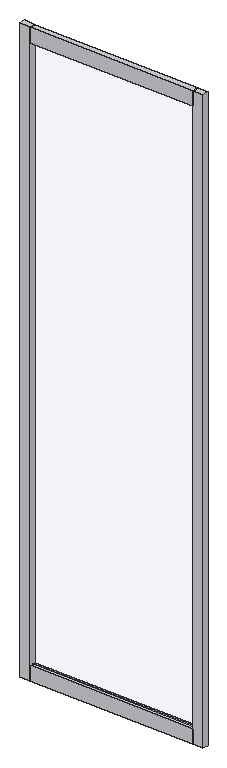
Revit family "ASL Door Suite 75mm", category Doors, Revit 2018
Family settings
  OmniClass Number = 23.25.20.14.11.11.17
  OmniClass Title = Infill Panels
  Always vertical = Yes
  Cut with Voids When Loaded = No
  Shared = No
  Room Calculation Point = No
Parameters (values of type "75mm Frame_100mm Head_100mm Kickplate")
  URL = "http://www.productspec.net/products/21357/psl-innovative-aluminium/alement-doors.aspx"
  Type Comments = "ASL Door Suite 75mm"  # constant formula
  Model = "ASL Door Suite 75mm"  # constant formula
  Material = none
  Manufacturer = "Aluminate Solutions Limited"  # constant formula
  Kickplate High = 100 mm
  Head Depth = 100 mm
  Glass Material = none
  Frame Width = 75 mm
  Frame Thickness = 44 mm
  Created By = "http://www.productspec.net/"  # constant formula
  Assembly Code = ""
  Analytic Construction = "<None>"
Types (2, lengths in mm): name | Kickplate High | Head Depth
  75mm Frame | 75 | 75
  75mm Frame_100mm Head_100mm Kickplate | 100 | 100
Reference planes
  plane 1 "Center (Front/Back)": y = 0
  plane 2: z = 0
  plane 3 "Center (Left/Right)": x = 44
  plane 4 "Left": x = -627.252
  plane 5 "Right": x = 715.252
  plane 6 "Top": z = 4290
  plane 7: x = -552.252
  plane 8: x = 640.252
Forms (mm)
  Sweep 1, solid, material <- "Material"
    path origin (0, 0, 0) x (1, 0, 0) y (0, 0, 1)
      loop
        line (715.252, 0) -> (715.252, 4290)
    profile "ASL Door Frame : Jamb" origin (715.252, 0, 2145) x (-1, 0, 0) y (0, -1, 0)
      loop
        line (0, 22) -> (0, -22) -> (75, -22) -> (75, 22) -> (0, 22)
  Sweep 2, solid, material <- "Material"
    path origin (0, 0, 0) x (1, 0, 0) y (0, 0, 1)
      loop
        line (-552.252, 0) -> (640.252, 0)
    profile "ASL Door Frame : Kickplate" origin (44, 0, 0) x (0, 0, 1) y (0, -1, 0)
      loop
        line (0, 22) -> (0, -22) -> (100, -22) -> (100, 22) -> (0, 22)
  Extrusion 3, solid, material <- "Glass Material"
    sketch origin (0, 0, 0) x (1, 0, 0) y (0, 0, 1)
      loop
        line (640.252, 4190) -> (-552.252, 4190) -> (-552.252, 100) -> (640.252, 100) -> (640.252, 4190)
    from -6 to 6
  Sweep 4, solid, material <- "Material"
    path origin (0, 0, 0) x (-1, 0, 0) y (0, 0, 1)
      loop
        line (627.252, 0) -> (627.252, 4290)
    profile "ASL Door Frame : Jamb" origin (-627.252, 0, 2145) x (-1, 0, 0) y (0, -1, 0)
      loop
        line (0, 22) -> (-75, 22) -> (-75, -22) -> (0, -22) -> (0, 22)
  Sweep 5, solid, material <- "Material"
    path origin (0, 0, 0) x (1, 0, 0) y (0, 0, 1)
      loop
        line (640.252, 4290) -> (-552.252, 4290)
    profile "ASL Door Frame : Head" origin (44, 0, 4290) x (0, 0, -1) y (0, -1, 0)
      loop
        line (0, 22) -> (0, -22) -> (100, -22) -> (100, 22) -> (0, 22)
Lines and regions (mm)
  Masking region 1
    outline origin (0, 0, 0) x (1, 0, 0) y (0, 1, 0)
      loop
        line (-583.252, 0) -> (-583.252, 75) -> (-627.252, 75) -> (-627.252, 0) -> (-583.252, 0)
  Masking region 2
    outline origin (0, 0, 0) x (1, 0, 0) y (0, 1, 0)
      loop
        line (-583.252, 1267.504) -> (-583.252, 1342.504) -> (-627.252, 1342.504) -> (-627.252, 1267.504) -> (-583.252, 1267.504)
  symbolic lines, style "DoorsFrameMullionProjection", detail levels medium+fine
    curve 1: line (-627.252, 0, 0) -> (-583.252, 0, 0)
    curve 2: line (-627.252, 75, 0) -> (-627.252, 0, 0)
    curve 3: line (-583.252, 75, 0) -> (-627.252, 75, 0)
    curve 4: line (-583.252, 0, 0) -> (-583.252, 75, 0)
    curve 5: line (-627.252, 1267.504, 0) -> (-583.252, 1267.504, 0)
    curve 6: line (-627.252, 1342.504, 0) -> (-627.252, 1267.504, 0)
    curve 7: line (-583.252, 1342.504, 0) -> (-627.252, 1342.504, 0)
    curve 8: line (-583.252, 1267.504, 0) -> (-583.252, 1342.504, 0)
  symbolic lines, style "Plan Swing"
    curve 9: arc (715.252, 0, 0) -> (322.042, 949.294, 0) -> (-627.252, 1342.504, 0) r 1342.504
  symbolic lines, style "DoorsGlassProjection", detail levels medium
    curve 10: line (-605.252, 75, 0) -> (-605.252, 1267.504, 0)
  symbolic lines, style "DoorsFrameMullionProjection", detail levels coarse
    curve 11: line (-627.252, 0, 0) -> (-627.252, 1342.504, 0)
  symbolic lines, style "DoorsGlassProjection", detail levels fine
    curve 12: line (-599.252, 75, 0) -> (-599.252, 1267.504, 0)
    curve 13: line (-611.252, 75, 0) -> (-611.252, 1267.504, 0)
  symbolic lines, style "Elevation Swing"
    curve 14: line (715.252, 0, 4290) -> (-627.252, 0, 2145)
    curve 15: line (-627.252, 0, 2145) -> (715.252, 0, 0)
Text (mm)
  text "Exterior" at (-2351.972, 1416.179, 0), in view "Ref. Level"
  text "Exterior" at (0, 2290.741, 4406.713), in view "Left"
  text "Exterior" at (0, 1328.187, 4120.349), in view "Right"
Dimensions and locks
  equal spacing: plane 4 "Left", plane 3 "Center (Left/Right)", plane 5 "Right"
  "Frame Width": curve 5 to curve 7
  "Frame Width": curve 3 to plane 1 "Center (Front/Back)"
  "Frame Thickness": plane 4 "Left" to curve 4
  "Frame Thickness": plane 4 "Left" to curve 8
  equal spacing: curve 11, curve 10, curve 8
  locked: curve 10 to curve 12 at 6
  locked: curve 13 to curve 10 at 6
  equal spacing: plane 6 "Top", curve 15, plane 2
  "Frame Width": plane 4 "Left" to plane 7
  "Frame Width": plane 5 "Right" to plane 8
  aligned and locked: level to plane 2
  aligned and locked: curve 7 to curve 9
  aligned and locked: plane 4 "Left" to Sweep 4
  aligned and locked: plane 7 to Sweep 5 sketch curve
  aligned and locked: plane 8 to Sweep 5 sketch curve
  aligned and locked: Extrusion 3 sketch curve to plane 7
  aligned and locked: plane 8 to Extrusion 3 sketch curve
  aligned and locked: plane 7 to Sweep 2 sketch curve
  aligned and locked: plane 8 to Sweep 2 sketch curve
  aligned: Extrusion 3 to Sweep 2
  aligned: Extrusion 3 to Sweep 5
  aligned and locked: Sweep 1 to plane 5 "Right"
  aligned and locked: Extrusion 3 sketch curve to Sweep 2
  aligned and locked: Extrusion 3 sketch curve to Sweep 5
  aligned and locked: Masking region 2 sketch curve to curve 8
  aligned and locked: Masking region 2 sketch curve to curve 7
  aligned and locked: Masking region 2 sketch curve to curve 6
  aligned and locked: Masking region 2 sketch curve to curve 5
  aligned and locked: Masking region 1 sketch curve to curve 4
  aligned and locked: Masking region 1 sketch curve to curve 3
  aligned and locked: Masking region 1 sketch curve to curve 2
  aligned and locked: Masking region 1 sketch curve to curve 1
Automatic sketch dimensions
  plane 5 "Right" to Sweep 1 sketch curve = 0 mm
  Sweep 1 sketch curve to level = 0 mm
  Sweep 1 sketch curve to plane 6 "Top" = 0 mm
  Sweep 2 sketch curve to level = 0 mm
  plane 4 "Left" to curve 14 = 0 mm
  curve 15 to level = 0 mm
  plane 5 "Right" to curve 15 = 0 mm
  plane 5 "Right" to curve 14 = 0 mm
  curve 14 to plane 6 "Top" = 0 mm
  plane 4 "Left" to Sweep 4 sketch curve = 0 mm
  Sweep 4 sketch curve to level = 0 mm
  Sweep 4 sketch curve to plane 6 "Top" = 0 mm
  Sweep 5 sketch curve to plane 6 "Top" = 0 mm
  plane 1 "Center (Front/Back)" to curve 1 = 0 mm
  curve 1 to plane 4 "Left" = 0 mm
  plane 1 "Center (Front/Back)" to curve 9 = 0 mm
  curve 9 to plane 5 "Right" = 0 mm
